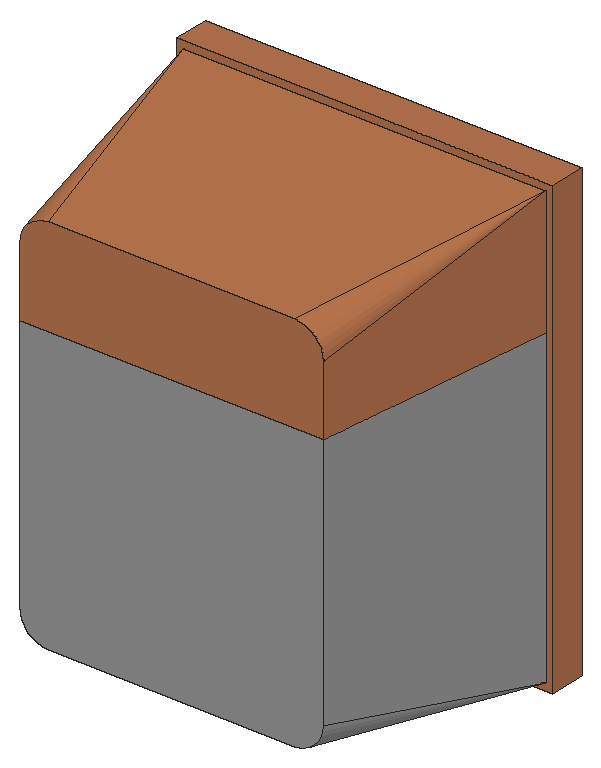
Revit family "BH3_Surface Mounted Wall Light", category Lighting Fixtures, Revit 2013
Parameters
  Wattage = 12.1178 W
  built-in parameter 1150110 = 1 (stored number, unit not read)
  built-in parameter 1114217 = 1 (stored number, unit not read)
  Top Dia [instance] = 294.719 mm
  Tilt Angle = 90.00°
  built-in parameter 1150109 = 1 (stored number, unit not read)
  built-in parameter 1150134 = 3
  built-in parameter 1150113 = 1 (stored number, unit not read)
  built-in parameter 1010507 = 0.5236 (stored number, unit not read)
  built-in parameter 1010506 = 0.5236 (stored number, unit not read)
  Outer Dia [instance] = 400 mm
  Model = ""
  Manufacturer = ""
  built-in parameter 1150105 = 6018.4 (stored number, unit not read)
  Lumens = 1800 lm
  built-in parameter 1150115 = 1 (stored number, unit not read)
  Lt = Bright
  Load Classification = Ltg
  Light Type [instance] = "BH3"
  Light Source Symbol Length = 2000 mm
  built-in parameter 1150137 = (empty or 0)
  built-in parameter 1150139 = (empty or 0)
  Light Body = Light Body
  built-in parameter 1150112 = 1 (stored number, unit not read)
  built-in parameter 1150114 = 1 (stored number, unit not read)
  Lamp = "1x42W"
  built-in parameter 1150132 = 2
  built-in parameter 1150102 = (empty or 0)
  built-in parameter 1150107 = 3200 (stored number, unit not read)
  built-in parameter 1150138 = (empty or 0)
  built-in parameter 1150106 = 60.184 (stored number, unit not read)
  Height = 203.2 mm
  Glass = Glass, Green
  Finish = none
  built-in parameter 1150104 = 13.8 (stored number, unit not read)
  Dimming Lamp Color Temperature Shift = <None>
  Radius = 50.8 mm
  Color Filter = 16777215
  Bottom Dia [instance] = 199.505 mm
  Body = Acetal Resin, Black
  built-in parameter 1114218 = 1 (stored number, unit not read)
  built-in parameter 1150133 = 10 (stored number, unit not read)
  Assembly Code = ""
  Apparent Load = 42 W
Reference planes
  plane 1 "Light Source Axis (F/B)": y = 0
  plane 2: z = 0
  plane 3 "Light Source Axis (L/R)": x = 3.349
  plane 4 "Light Source Elevation": z = 0
Forms (mm)
  Extrusion 1, solid, material "Light Body" <- "Light Body"
    sketch origin (3.349, 0, 2.5) x (-1, 0, 0) y (0, 0, -1)
      loop
        line (-130, 160) -> (-130, -155) -> (130, -155) -> (130, 160) -> (-130, 160)
    from 0 to 25
  Blend 2, solid, material "Light Body" <- "Light Body"
    base sketch origin (3.349, 0, 2.5) x (-1, 0, 0) y (0, 0, -1)
      loop
        line (-125, -61.982) -> (-125, -150) -> (125, -150) -> (125, -61.982) -> (-125, -61.982)
    top sketch origin (3.349, 0, 2.5) x (-1, 0, 0) y (0, 0, -1)
      loop
        line (-105, -61.982) -> (-105, -110)
        arc (-105, -110) -> (-99.142, -124.142) -> (-85, -130) r 20
        line (-85, -130) -> (85, -130)
        arc (85, -130) -> (99.142, -124.142) -> (105, -110) r 20
        line (105, -110) -> (105, -61.982) -> (-105, -61.982)
    from 25 to 192
  Blend 3, solid, material "Glass, Green" <- "Glass"
    base sketch origin (3.349, 0, 2.5) x (-1, 0, 0) y (0, 0, -1)
      loop
        line (-125, 155) -> (-125, -61.982) -> (125, -61.982) -> (125, 155) -> (-125, 155)
    top sketch origin (3.349, 0, 2.5) x (-1, 0, 0) y (0, 0, -1)
      loop
        arc (-85, 135) -> (-99.142, 129.142) -> (-105, 115) r 20
        line (-105, 115) -> (-105, -61.982) -> (105, -61.982) -> (105, 115)
        arc (105, 115) -> (99.142, 129.142) -> (85, 135) r 20
        line (85, 135) -> (-85, 135)
    from 25 to 192
Dimensions and locks
  aligned: plane 3 "Light Source Axis (L/R)" to imposter light
  aligned: plane 4 "Light Source Elevation" to imposter light
Nested families
  nested 1: "EL_A" at (3.349, 0, 0) x (-1, 0, 0) z (0, 0, 1), type "EL_A"
Connectors
  electrical at (3.349, 0, 0), driven by "Load Classification"
    settings: on Extrusion 1, index 1, voltage 230 V, apparent load 0 W, apparent load phase1 42 W, apparent load phase2 0 W, apparent load phase3 0 W, power factor 0.9, load classification "Ltg", number of poles 1, system type 31, power factor state 1, is connector primary yes, connector utility no, sub classification motor no, connector description ""
Definition of nested family "EL_A"
  Reference planes
    plane 1: y = 0
    plane 2: x = 0
  Lines and regions (mm)
    detail lines, style "Lighting Symbols"
      curve 1: arc (1.5, 0, 0) -> (0, 1.5, 0) -> (-1.5, 0, 0) r 1.5
      curve 2: line (-1.5, 0, 0) -> (1.5, 0, 0)
      curve 3: line (0, 0, 0) -> (1.414, 1.414, 0)
      curve 4: line (0, 0, 0) -> (-1.414, 1.414, 0)
